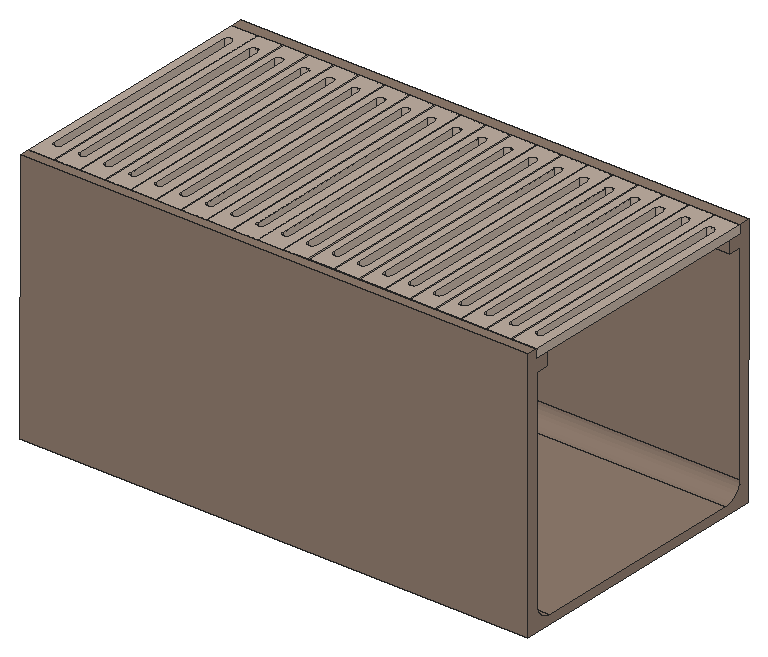
Revit family "Trench_Drain", category Generic Models, host Floor, Revit 2020
Family settings
  Host = Floor
  Can host rebar = No
  Round Connector Dimension = Use Diameter
  Part Type = Normal
  Always vertical = Yes
  Cut with Voids When Loaded = No
  Shared = No
  Room Calculation Point = No
Parameters (values of type "300mm Wide")
  Length = 600 mm
  Grid = Length / 30 mm  # 20
  Drain Width = 300 mm
  Drain Cover = Metal - Aluminum Anodized
  Drain Body = Metal - Steel - Cast iron
  Default Elevation = 0 mm
Types (4, lengths in mm): name | Length | Grid | Drain Width | Drain Cover | Drain Body
  (no name) | 600 | 20 | 300 | Metal - Aluminum Anodized | Metal - Steel - Cast iron
  150mm Wide | 600 | 20 | 150 | Metal - Steel - Cast iron | Metal - Aluminum Anodized
  200mm Wide | 300 | 10 | 200 | Metal - Aluminum Anodized | Metal - Steel - Cast iron
  300mm Wide | 600 | 20 | 300 | Metal - Aluminum Anodized | Metal - Steel - Cast iron
Reference planes
  plane 1 "Center (Front/Back)": y = 0
  plane 2: z = 0
  plane 3 "Center (Left/Right)": x = 0
  plane 4 "Left End": x = -300
  plane 5 "Right End": x = 300
  plane 6: y = 150
  plane 7: y = -150
Forms (mm)
  Extrusion 1, void
    sketch origin (0, 0, 0) x (1, 0, 0) y (0, 1, 0)
      loop
        line (-300, 162.7) -> (-300, -162.7) -> (300, -162.7) -> (300, 162.7) -> (-300, 162.7)
    from 0 to -300 <- "Drain Width"
  Extrusion 2, solid, material "Metal - Steel - Cast iron" <- "Drain Body"
    sketch origin (0, 0, 0) x (0, 1, 0) y (0, 0, 1)
      loop
        line (150, 0) -> (150, -10) -> (135, -10) -> (135, -25) -> (150, -25) -> (150, -270)
        arc (150, -270) -> (144.142, -284.142) -> (130, -290) r 20
        line (130, -290) -> (-130, -290)
        arc (-130, -290) -> (-144.142, -284.142) -> (-150, -270) r 20
        line (-150, -270) -> (-150, -25) -> (-135, -25) -> (-135, -10) -> (-150, -10) -> (-150, 0) -> (-162.7, 0) -> (-162.7, -300) -> (162.7, -300) -> (162.7, 0) -> (150, 0)
    from 300 to -300
Lines and regions (mm)
  symbolic lines
    curve 1: line (-300, 162.7, 0) -> (300, 162.7, 0)
    curve 2: line (-300, -162.7, 0) -> (300, -162.7, 0)
    curve 3: line (-300, 150, 0) -> (300, 150, 0)
    curve 4: line (-300, -150, 0) -> (300, -150, 0)
    curve 5: line (-300, 162.7, 0) -> (-300, -162.7, 0)
    curve 6: line (300, -162.7, 0) -> (300, 162.7, 0)
Dimensions and locks
  equal spacing: host sketch curve, plane 1 "Center (Front/Back)", host sketch curve
  equal spacing: host sketch curve, plane 3 "Center (Left/Right)", host sketch curve
  host sketch curve to host sketch curve = 3048 mm  (x2)
  equal spacing: plane 4 "Left End", plane 3 "Center (Left/Right)", plane 5 "Right End"
  "Length": plane 4 "Left End" to plane 5 "Right End"
  "Drain Width": plane 6 to plane 7
  equal spacing: plane 6, plane 1 "Center (Front/Back)", plane 7
  locked: Extrusion 1 sketch curve to plane 6 at 12.7
  locked: plane 7 to Extrusion 1 sketch curve at 12.7
  locked: Extrusion 2 sketch curve to plane 6 at 12.7
  locked: plane 7 to Extrusion 2 sketch curve at 12.7
  "Drain Width": level to Extrusion 2 sketch curve
  equal spacing: group 1, group 3, group 4, group 5, group 6, group 7, group 8, group 9, group 10, group 11, group 12, group 13, group 14, group 15, group 16, group 17, group 18, group 19, group 20, group 2  (x3)
  aligned and locked: Extrusion 1 to host floor
  aligned and locked: Extrusion 2 to Extrusion 1
  aligned and locked: Extrusion 2 to plane 4 "Left End"
  aligned and locked: plane 5 "Right End" to Extrusion 2
  aligned and locked: Extrusion 2 sketch curve to plane 6
  aligned and locked: plane 7 to Extrusion 2 sketch curve
  aligned and locked: plane 4 "Left End" to nested 1
  aligned and locked: plane 6 to nested 1
  aligned and locked: plane 5 "Right End" to nested 2
  aligned and locked: plane 6 to nested 2
  aligned and locked: curve 2 to Extrusion 2
  aligned and locked: curve 1 to Extrusion 2
  aligned and locked: nested 1 to curve 3
  aligned and locked: curve 3 to Extrusion 2
  aligned and locked: curve 4 to Extrusion 2
  aligned and locked: curve 5 to Extrusion 2
  aligned and locked: curve 6 to Extrusion 2
Automatic sketch dimensions
  Extrusion 1 sketch curve to plane 4 "Left End" = 0 mm
  Extrusion 1 sketch curve to plane 5 "Right End" = 0 mm
  Extrusion 2 sketch curve to plane 7 = 0 mm
  Extrusion 2 sketch curve to plane 6 = 0 mm
  Extrusion 2 sketch curve to level = 0 mm  (x2)
  plane 7 to Extrusion 2 sketch curve = 15 mm
  plane 7 to Extrusion 2 sketch curve = 20 mm
  Extrusion 2 sketch curve to plane 6 = 20 mm
  Extrusion 2 sketch curve to plane 6 = 15 mm
  Extrusion 2 sketch curve to Extrusion 2 sketch curve = 10 mm
  Extrusion 2 sketch curve to Extrusion 2 sketch curve = 15 mm  (x2)
  Extrusion 2 sketch curve to level = 25 mm  (x2)
Nested families
  nested 1: "Grid" at (-300, 50, 0), type "Grid"
    with Width 300 mm
  nested 2: "Grid" at (270, 50, 0), type "Grid"
    with Width 300 mm
  nested 3: "Grid" at (-270, 50, 0), type "Grid"
    with Width 300 mm
  nested 4: "Grid" at (-240, 50, 0), type "Grid"
    with Width 300 mm
  nested 5: "Grid" at (-210, 50, 0), type "Grid"
    with Width 300 mm
  nested 6: "Grid" at (-180, 50, 0), type "Grid"
    with Width 300 mm
  nested 7: "Grid" at (-150, 50, 0), type "Grid"
    with Width 300 mm
  nested 8: "Grid" at (-120, 50, 0), type "Grid"
    with Width 300 mm
  nested 9: "Grid" at (-90, 50, 0), type "Grid"
    with Width 300 mm
  nested 10: "Grid" at (-60, 50, 0), type "Grid"
    with Width 300 mm
  nested 11: "Grid" at (-30, 50, 0), type "Grid"
    with Width 300 mm
  nested 12: "Grid" at (0, 50, 0), type "Grid"
    with Width 300 mm
  nested 13: "Grid" at (30, 50, 0), type "Grid"
    with Width 300 mm
  nested 14: "Grid" at (60, 50, 0), type "Grid"
    with Width 300 mm
  nested 15: "Grid" at (90, 50, 0), type "Grid"
    with Width 300 mm
  nested 16: "Grid" at (120, 50, 0), type "Grid"
    with Width 300 mm
  nested 17: "Grid" at (150, 50, 0), type "Grid"
    with Width 300 mm
  nested 18: "Grid" at (180, 50, 0), type "Grid"
    with Width 300 mm
  nested 19: "Grid" at (210, 50, 0), type "Grid"
    with Width 300 mm
  nested 20: "Grid" at (240, 50, 0), type "Grid"
    with Width 300 mm
Definition of nested family "Grid"
  Parameters
    Width = 200 mm
    Grid = none
    Default Elevation = 0 mm
    Assembly Code = ""
  Reference planes
    plane 1 "Center (Front/Back)": y = 0
    plane 2: z = 0
    plane 3 "Center (Left/Right)": x = 0
  Forms (mm)
    Extrusion 1, solid, material <- "Grid"
      sketch origin (300, 0, 0) x (1, 0, 0) y (0, 1, 0)
        loop
          line (-300, -100) -> (-270, -100) -> (-270, 100) -> (-300, 100) -> (-300, -100)
        loop
          arc (-290, -75) -> (-285, -80) -> (-280, -75) r 5
          line (-280, -75) -> (-280, 75)
          arc (-280, 75) -> (-285, 80) -> (-290, 75) r 5
          line (-290, 75) -> (-290, -75)
      from 0 to -10
  Lines and regions (mm)
    symbolic lines
      curve 1: line (10, -75, 0) -> (10, 75, 0)
      curve 2: arc (10, 75, 0) -> (15, 80, 0) -> (20, 75, 0) r 5
      curve 3: line (20, 75, 0) -> (20, -75, 0)
      curve 4: arc (20, -75, 0) -> (15, -80, 0) -> (10, -75, 0) r 5
  Dimensions and locks
    locked: Extrusion 1 sketch curve to Extrusion 1 sketch curve at 25  (x2)
    "Width": Extrusion 1 to Extrusion 1
    aligned and locked: curve 2 to Extrusion 1
    aligned and locked: curve 4 to Extrusion 1
  Automatic sketch dimensions
    Extrusion 1 sketch curve to plane 3 "Center (Left/Right)" = 0 mm
    plane 3 "Center (Left/Right)" to Extrusion 1 sketch curve = 10 mm
    Extrusion 1 sketch curve to Extrusion 1 sketch curve = 5 mm
    Extrusion 1 sketch curve to Extrusion 1 sketch curve = 10 mm
    plane 1 "Center (Front/Back)" to Extrusion 1 sketch curve = 100 mm
    Extrusion 1 sketch curve to plane 1 "Center (Front/Back)" = 75 mm
